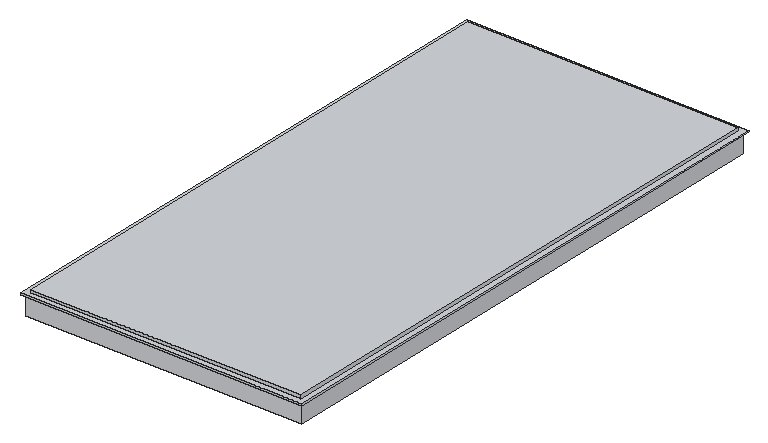
Revit family "S-1", category Air Terminals, host Face, Revit 2025
Family settings
  Host = Face
  Round Connector Dimension = Use Diameter
  Part Type = Normal
  Cut with Voids When Loaded = No
  Maintain Annotation Orientation = No
  Shared = No
  Room Calculation Point = No
Parameters (values of type "PDR")
  URL = "https://www.titus-hvac.com/products/Diffusers/PDR"
  Model = "PDR"
  Manufacturer = "TITUS"
  C = 1/8"
  Width - 1/2" = Width - 1/2"  # 23 1/2"
  Width = 24"
  Length - 1/2" = Length - 1/2"  # 47 1/2"
  Length = 48"
  D [instance] = 12"
  Default Elevation = 48"
  D - 1/8 [instance] = (D / 2) - 1/8"  # 5 7/8"
Reference planes (in)
  plane 1 "Center (Front/Back)": y = 0
  plane 2: z = 0
  plane 3 "Center (Left/Right)": x = 0
  plane 4: x = -12
  plane 5: x = 12
  plane 6: y = 24
  plane 7: y = -24
  plane 8: y = 23.93648
  plane 9: z = 0.375
Forms (in)
  Sweep 1, solid
    path origin (0, 0, 0) x (1, 0, 0) y (0, 1, 0)
      loop
        line (-12, 24) -> (-12, -24) -> (12, -24) -> (12, 24) -> (-12, 24)
    profile origin (0, 24, 0) x (0, 1, 0) y (0, 0, 1)
      loop
        line (-0.40692, 0.125) -> (-0.40692, 0) -> (-0.125, 0) -> (-0.125, -1.65366) -> (0, -1.65366) -> (0, 0) -> (0.27989, 0) -> (0.27989, 0.125) -> (-0.40692, 0.125)
      loop
        line (-0.17143, -0.06633) -> (-0.73497, -0.06633) -> (-0.73497, -0.71546) -> (-1.61996, -0.71546) -> (-1.61996, -0.84046) -> (-0.60997, -0.84046) -> (-0.60997, -0.19133) -> (-0.17143, -0.19133) -> (-0.17143, -0.06633)
  Extrusion 2, solid
    sketch origin (0, 0, 0) x (1, 0, 0) y (0, 1, 0)
      loop
        line (-11.75, 23.75) -> (-11.75, -23.75) -> (11.75, -23.75) -> (11.75, 23.75) -> (-11.75, 23.75)
    from -0.59927 to 0.375
Cuts and joins
  joined: Sweep 1, Extrusion 2
Dimensions and locks (in)
  equal spacing: Sweep 1 sketch curve, plane 1 "Center (Front/Back)", Sweep 1 sketch curve
  equal spacing: Sweep 1 sketch curve, plane 3 "Center (Left/Right)", Sweep 1 sketch curve
  "Width": Sweep 1 sketch curve to Sweep 1 sketch curve
  "Length": Sweep 1 sketch curve to Sweep 1 sketch curve
  equal spacing: plane 7, plane 1 "Center (Front/Back)", plane 6
  equal spacing: plane 4, plane 3 "Center (Left/Right)", plane 5
  "Width": plane 4 to plane 5
  "Length": plane 6 to plane 7
  "C": Sweep 1 sketch curve to profile plane
  "C": Sweep 1 sketch curve to plane 2
  equal spacing: Sweep 1 sketch curve, plane 8, Sweep 1 sketch curve
  plane 9 to plane 2 = 3/8"  (x2)
  equal spacing: Extrusion 2 sketch curve, plane 1 "Center (Front/Back)", Extrusion 2 sketch curve
  equal spacing: Extrusion 2 sketch curve, plane 3 "Center (Left/Right)", Extrusion 2 sketch curve
  "Width - 1/2"": Extrusion 2 sketch curve to Extrusion 2 sketch curve
  "Length - 1/2"": Extrusion 2 sketch curve to Extrusion 2 sketch curve
  "C": Sweep 1 sketch curve to Sweep 1 sketch curve  (x2)
  aligned and locked: plane 2 to host face
  aligned and locked: level to host face
  aligned and locked: plane 9 to Extrusion 2
Automatic sketch dimensions
  host sketch curve to host sketch curve = 96"  (x2)
  Sweep 1 sketch curve to level = 0"  (x2)
  Sweep 1 sketch curve to profile plane = 0"
  Sweep 1 sketch curve to Sweep 1 sketch curve = 0.04643"
  Sweep 1 sketch curve to Sweep 1 sketch curve = 0.23548"
  Sweep 1 sketch curve to plane 8 = 0.54645"
  Sweep 1 sketch curve to Sweep 1 sketch curve = 0.885"
  Sweep 1 sketch curve to level = 0.06633"
  Sweep 1 sketch curve to level = 0.71546"
  Sweep 1 sketch curve to Sweep 1 sketch curve = 1/8"
  Sweep 1 sketch curve to Sweep 1 sketch curve = 0.8132"
Connectors (in)
  hvac at (0, 0, -1.65366), driven by "Length", driven by "Width"
    settings: on cut or joined group of Sweep 1, Extrusion 2, index 1, duct flow 0 CFM, flow factor 0, pres drop 0.00 in-wg, loss coef 0, conn angle 0.00°, conn width 24", conn height 48", conn diameter 24", duct sys type 1, conn prof type 1, flow config 0, flow direction 0, loss method 0, conn ref index -1, conn util no, is conn primary yes, conn desc ""
